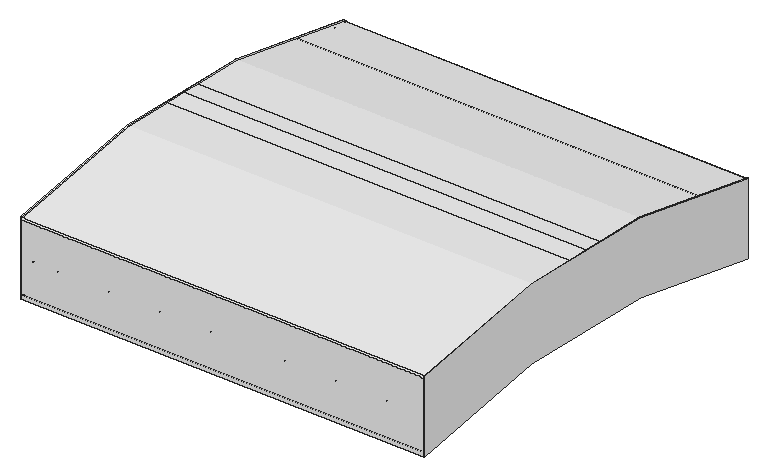
Revit family "SLSV2X2", category Lighting Fixtures, host Ceiling, Revit 2019
Family settings
  Host = Ceiling
  Round Connector Dimension = Use Diameter
  Part Type = Normal
  OmniClass Number = 23.80.70.11.14.17
  OmniClass Title = Direct/Indirect
  Always vertical = Yes
  Cut with Voids When Loaded = No
  Light Source = Yes
  Shared = No
  Room Calculation Point = No
Parameters (values of type "SLSV2X2-LED840K024LUNV")
  Width = 1' - 10 1/2"
  Wattage = 22.009 W
  built-in parameter 1150110 = 1 (stored number, unit not read)
  Voltage = 120 V
  URL = "https://viscor.com/products/slsv"
  built-in parameter 1114217 = 0.9 (stored number, unit not read)
  Tilt Angle = 90.00°
  built-in parameter 1150109 = 1 (stored number, unit not read)
  built-in parameter 1150134 = 12
  built-in parameter 1150113 = 1 (stored number, unit not read)
  Photometric Web File = "SLSV2X2-LED840K024LUNV.ies"
  Model = "SLSV"  # constant formula
  Manufacturer = "VISIONEERING by VISCOR"  # constant formula
  Lumens = 2443 lm
  built-in parameter 1150115 = 1 (stored number, unit not read)
  built-in parameter 1150105 = 194.41 (stored number, unit not read)
  built-in parameter 1150137 = (empty or 0)
  built-in parameter 1150139 = (empty or 0)
  Lens Finish = Acrylic - Viscor - Opal White Square
  Lens Depth = 0' - 4 7/32"
  Length = 1' - 10 1/2"
  Lamp Wattage = 22 VA
  built-in parameter 1150112 = 1 (stored number, unit not read)
  built-in parameter 1150114 = 1 (stored number, unit not read)
  Lamp = "LED"  # constant formula
  built-in parameter 1150132 = (empty or 0)
  built-in parameter 1150102 = (empty or 0)
  built-in parameter 1150138 = (empty or 0)
  built-in parameter 1150107 = 4000 (stored number, unit not read)
  built-in parameter 1150106 = 1.9441 (stored number, unit not read)
  Housing Finish = Metal - Viscor - White
  Emit from Rectangle Width = Width  # 1' - 10 1/2"
  Emit from Rectangle Length = Length  # 1' - 10 1/2"
  Emit from Rectangle Height = Lens Depth  # 0' - 4 7/32"
  Emit Shape Visible in Rendering = no
  built-in parameter 1150104 = 10.312 (stored number, unit not read)
  Dimming Lamp Color Temperature Shift = <None>
  Description = "Architectural Pendant with Concave lens"  # constant formula
  Color Filter = 16777215
  built-in parameter 1114218 = 1 (stored number, unit not read)
  built-in parameter 1150133 = 10 (stored number, unit not read)
  Assembly Code = "D5020200"
  Apparent Load = Lamp Wattage  # 22 VA
Types (5): name | Wattage | Photometric Web File | Lumens | built-in parameter 1150105 | Lens Depth | Lamp Wattage | built-in parameter 1150106 | Emit from Rectangle Height | built-in parameter 1150104 | Apparent Load
  (no name) | 22.009 W | "SLSV2X2-LED840K024LUNV.ies" | 2443 lm | 194.41 (stored number, unit not read) | 0' - 4 7/32" | 22 VA | 1.9441 (stored number, unit not read) | 0' - 4 7/32" | 10.312 (stored number, unit not read) | 22 VA
  SLSV2X2-LED840K024LUNV | 22.009 W | "SLSV2X2-LED840K024LUNV.ies" | 2443 lm | 194.41 (stored number, unit not read) | 0' - 4 7/32" | 22 VA | 1.9441 (stored number, unit not read) | 0' - 4 7/32" | 10.312 (stored number, unit not read) | 22 VA
  SLSV2X2-LED840K034LUNV | 31.8519 W | "SLSV2X2-LED840K034LUNV.ies" | 3440 lm | 273.75 (stored number, unit not read) | 0' - 0 7/32" | 32 VA | 2.7375 (stored number, unit not read) | 0' - 0 7/32" | 10.034 (stored number, unit not read) | 32 VA
  SLSV2X2-LED840K040LUNV | 37.1296 W | "SLSV2X2-LED840K040LUNV.ies" | 4010 lm | 319.11 (stored number, unit not read) | 0' - 0 7/32" | 37 VA | 3.1911 (stored number, unit not read) | 0' - 0 7/32" | 10.034 (stored number, unit not read) | 37 VA
  SLSV2X2-LED840K050LUNV | 47 W | "SLSV2X2-LED840K050LUNV.ies" | 5029 lm | 400.2 (stored number, unit not read) | 0' - 5 15/32" | 47 VA | 4.002 (stored number, unit not read) | 0' - 5 15/32" | 9.9406 (stored number, unit not read) | 47 VA
Reference planes (in)
  plane 1 "Light Source Axis (F/B)": y = 0
  plane 2 "Ceiling": z = 96
  plane 3 "Light Source Axis (L/R)": x = 0
  plane 4 "Light Source Elevation": z = 91.78125
  plane 5: y = 11.25
  plane 6: y = -11.25
  plane 7: x = -11.25
  plane 8: x = 11.25
  plane 9 "Lens Depth": z = 91.78125
  plane 10: x = -11.21875
  plane 11: x = 11.21875
Forms (in)
  Extrusion 1, solid, material "Metal - Viscor - White" <- "Housing Finish"
    sketch origin (0, 0, 0) x (0, 1, 0) y (0, 0, 1)
      loop
        arc (11.25, 94.22739) -> (11.23579, 94.26934) -> (11.19901, 94.294) r 0.069
        arc (11.19901, 94.294) -> (0, 95.78125) -> (-11.19901, 94.294) r 42.908
        arc (-11.19901, 94.294) -> (-11.23579, 94.26934) -> (-11.25, 94.22739) r 0.069
        line (-11.25, 94.22739) -> (-11.25, 90.31218) -> (-11.21875, 90.31218) -> (-11.21875, 94.22739)
        arc (-11.21875, 94.22739) -> (-11.21098, 94.25034) -> (-11.19085, 94.26383) r 0.03775
        arc (-11.19085, 94.26383) -> (0, 95.75) -> (11.19085, 94.26383) r 42.87675
        arc (11.19085, 94.26383) -> (11.21098, 94.25034) -> (11.21875, 94.22739) r 0.03775
        line (11.21875, 94.22739) -> (11.21875, 90.31218) -> (11.25, 90.31218) -> (11.25, 94.22739)
    from -11.21875 to 11.21875
  Extrusion 2, solid, material "Metal - Viscor - White" <- "Housing Finish"
    sketch origin (0, 0, 0) x (0, 1, 0) y (0, 0, 1)
      loop
        arc (-11.25, 90.31218) -> (0, 91.81218) -> (11.25, 90.31218) r 42.9375
        line (11.25, 90.31218) -> (11.25, 94.25862)
        arc (11.25, 94.25862) -> (11.23558, 94.30117) -> (11.19826, 94.32619) r 0.07
        arc (11.19826, 94.32619) -> (0, 95.81218) -> (-11.19826, 94.32619) r 42.9375
        arc (-11.19826, 94.32619) -> (-11.23558, 94.30117) -> (-11.25, 94.25862) r 0.07
        line (-11.25, 94.25862) -> (-11.25, 90.31218)
    from 11.21875 to 11.25
  Extrusion 3, solid, material "Metal - Viscor - White" <- "Housing Finish"
    sketch origin (0, 0, 0) x (0, 1, 0) y (0, 0, -1)
      loop
        line (-11.25, -90.31218) -> (-11.25, -94.25862)
        arc (-11.25, -94.25862) -> (-11.23558, -94.30117) -> (-11.19826, -94.32619) r 0.07
        arc (-11.19826, -94.32619) -> (0, -95.81218) -> (11.19826, -94.32619) r 42.9375
        arc (11.19826, -94.32619) -> (11.23558, -94.30117) -> (11.25, -94.25862) r 0.07
        line (11.25, -94.25862) -> (11.25, -90.31218)
        arc (11.25, -90.31218) -> (0, -91.81218) -> (-11.25, -90.31218) r 42.9375
    from 11.21875 to 11.25
  Extrusion 4, solid, material "Acrylic - Viscor - Opal White Square" <- "Lens Finish"
    sketch origin (0, 0, 0) x (0, 1, 0) y (0, 0, 1)
      loop
        line (11.1875, 91.37527) -> (11.1475, 91.37527) -> (11.1475, 90.50531)
        arc (11.1475, 90.50531) -> (11.13266, 90.47469) -> (11.09943, 90.46738) r 0.039
        line (11.09943, 90.46738) -> (10.71053, 90.56041) -> (9.98111, 90.7349)
        arc (9.98111, 90.7349) -> (7.79298, 91.19839) -> (5.58368, 91.54721) r 42.901
        line (5.58368, 91.54721) -> (4.83889, 91.63836)
        arc (4.83889, 91.63836) -> (2.61058, 91.83263) -> (0.37517, 91.91049) r 42.901
        line (0.37517, 91.91049) -> (-0.37517, 91.91049)
        arc (-0.37517, 91.91049) -> (-2.61058, 91.83263) -> (-4.83889, 91.63836) r 42.901
        line (-4.83889, 91.63836) -> (-5.58368, 91.54721)
        arc (-5.58368, 91.54721) -> (-7.79298, 91.19839) -> (-9.98111, 90.7349) r 42.901
        line (-9.98111, 90.7349) -> (-10.71053, 90.56041) -> (-11.09943, 90.46738)
        arc (-11.09943, 90.46738) -> (-11.13266, 90.47469) -> (-11.1475, 90.50531) r 0.039
        line (-11.1475, 90.50531) -> (-11.1475, 91.37527) -> (-11.1875, 91.37527) -> (-11.1875, 90.50531)
        arc (-11.1875, 90.50531) -> (-11.15743, 90.44329) -> (-11.09012, 90.42848) r 0.079
        line (-11.09012, 90.42848) -> (-10.70122, 90.52151) -> (-9.9718, 90.696)
        arc (-9.9718, 90.696) -> (-7.7858, 91.15904) -> (-5.57865, 91.50753) r 42.861
        line (-5.57865, 91.50753) -> (-4.8342, 91.59864)
        arc (-4.8342, 91.59864) -> (-2.60814, 91.7927) -> (-0.375, 91.87049) r 42.861
        line (-0.375, 91.87049) -> (0.375, 91.87049)
        arc (0.375, 91.87049) -> (2.60814, 91.7927) -> (4.8342, 91.59864) r 42.861
        line (4.8342, 91.59864) -> (5.57865, 91.50753)
        arc (5.57865, 91.50753) -> (7.7858, 91.15904) -> (9.9718, 90.696) r 42.861
        line (9.9718, 90.696) -> (10.70122, 90.52151) -> (11.09012, 90.42848)
        arc (11.09012, 90.42848) -> (11.15743, 90.44329) -> (11.1875, 90.50531) r 0.079
        line (11.1875, 90.50531) -> (11.1875, 91.37527)
    from -11.21875 to 11.21875
  Extrusion 5, solid, material "Metal - Viscor - White" <- "Housing Finish"
    sketch origin (0, 0, 0) x (0, 1, 0) y (0, 0, 1)
      loop
        line (7.51666, 94.9143) -> (7.51115, 94.88354) -> (7.99188, 94.79744) -> (8.33401, 94.37574) -> (10.40745, 91.82003)
        arc (10.40745, 91.82003) -> (10.48548, 91.79808) -> (10.53225, 91.86429) r 0.07025
        line (10.53225, 91.86429) -> (10.53225, 92.62932) -> (10.501, 92.62932) -> (10.501, 91.86429)
        arc (10.501, 91.86429) -> (10.47504, 91.82753) -> (10.43171, 91.83972) r 0.039
        line (10.43171, 91.83972) -> (8.35828, 94.39542) -> (8.02499, 94.80623)
        arc (8.02499, 94.80623) -> (8.00648, 94.82218) -> (7.98357, 94.83068) r 0.069
        line (7.98357, 94.83068) -> (7.51666, 94.9143)
    from -11.21875 to 11.21875
  Extrusion 6, solid, material "Metal - Viscor - White" <- "Housing Finish"
    sketch origin (0, 0, 0) x (0, -1, 0) y (0, 0, -1)
      loop
        line (7.51666, -94.9143) -> (7.98357, -94.83068)
        arc (7.98357, -94.83068) -> (8.00648, -94.82218) -> (8.02499, -94.80623) r 0.069
        line (8.02499, -94.80623) -> (8.35828, -94.39542) -> (10.43171, -91.83972)
        arc (10.43171, -91.83972) -> (10.47504, -91.82753) -> (10.501, -91.86429) r 0.039
        line (10.501, -91.86429) -> (10.501, -92.62932) -> (10.53225, -92.62932) -> (10.53225, -91.86429)
        arc (10.53225, -91.86429) -> (10.48548, -91.79808) -> (10.40745, -91.82003) r 0.07025
        line (10.40745, -91.82003) -> (8.33401, -94.37574) -> (7.99188, -94.79744) -> (7.51115, -94.88354) -> (7.51666, -94.9143)
    from -11.21875 to 11.21875
  Extrusion 7, solid, material "Metal - Viscor - White" <- "Housing Finish"
    sketch origin (0, 0, 0) x (0, 1, 0) y (0, 0, 1)
      loop
        arc (10.5, 94.26329) -> (10.48668, 94.30168) -> (10.45245, 94.32358) r 0.062
        line (10.45245, 94.32358) -> (8.99524, 94.67285) -> (5.73866, 95.25611) -> (2.87712, 95.55266) -> (0.00213, 95.65175) -> (-2.87287, 95.55295) -> (-5.73411, 95.25675) -> (-8.99524, 94.67285) -> (-10.45245, 94.32358)
        arc (-10.45245, 94.32358) -> (-10.48668, 94.30168) -> (-10.5, 94.26329) r 0.062
        line (-10.5, 94.26329) -> (-10.5, 92.31218) -> (-10.46875, 92.31218) -> (-10.46875, 94.26329)
        arc (-10.46875, 94.26329) -> (-10.46214, 94.28233) -> (-10.44517, 94.29319) r 0.03075
        line (-10.44517, 94.29319) -> (-8.98884, 94.64225) -> (-5.72974, 95.22579) -> (-2.87072, 95.52175) -> (0.00213, 95.62048) -> (2.87497, 95.52146) -> (5.73428, 95.22515) -> (8.98884, 94.64225) -> (10.44517, 94.29319)
        arc (10.44517, 94.29319) -> (10.46214, 94.28233) -> (10.46875, 94.26329) r 0.03075
        line (10.46875, 94.26329) -> (10.46875, 92.31218) -> (10.5, 92.31218) -> (10.5, 94.26329)
    from -11.21875 to 11.21875
Dimensions and locks (in)
  equal spacing: host sketch curve, plane 3 "Light Source Axis (L/R)", host sketch curve
  equal spacing: host sketch curve, plane 1 "Light Source Axis (F/B)", host sketch curve
  host sketch curve to host sketch curve = 10' - 0"  (x2)
  equal spacing: plane 7, plane 3 "Light Source Axis (L/R)", plane 8
  "Length": plane 7 to plane 8
  equal spacing: plane 5, plane 1 "Light Source Axis (F/B)", plane 6
  "Width": plane 5 to plane 6
  "Emit from Rectangle Height": plane 4 "Light Source Elevation" to plane 2 "Ceiling"
  "Lens Depth": plane 2 "Ceiling" to plane 9 "Lens Depth"
  locked: plane 11 to plane 8 at 0.03125
  locked: plane 10 to plane 7 at 0.03125
  plane 6 to Extrusion 7 = 1' - 9 3/4"
  aligned and locked: plane 3 "Light Source Axis (L/R)" to imposter light
  aligned and locked: plane 1 "Light Source Axis (F/B)" to imposter light
  aligned and locked: plane 4 "Light Source Elevation" to imposter light
  aligned and locked: Extrusion 1 to plane 10
  aligned and locked: plane 11 to Extrusion 1
  aligned and locked: plane 8 to Extrusion 2
  aligned and locked: Extrusion 2 to plane 11
  aligned and locked: Extrusion 3 to plane 7
  aligned and locked: plane 10 to Extrusion 3
  aligned and locked: plane 11 to Extrusion 4
  aligned and locked: Extrusion 4 to plane 10
  aligned and locked: Extrusion 5 to plane 10
  aligned and locked: plane 11 to Extrusion 5
  aligned and locked: Extrusion 6 to plane 10
  aligned and locked: plane 11 to Extrusion 6
  aligned and locked: plane 11 to Extrusion 7
  aligned and locked: Extrusion 7 to plane 10
Automatic sketch dimensions
  Extrusion 1 sketch curve to Extrusion 1 sketch curve = 0' - 0"  (x8)
  Extrusion 1 sketch curve to plane 6 = 0' - 0"
  Extrusion 1 sketch curve to plane 1 "Light Source Axis (F/B)" = 0' - 0"
  Extrusion 1 sketch curve to plane 5 = 0' - 0"
  plane 6 to Extrusion 1 sketch curve = 0' - 0 1/32"
  Extrusion 1 sketch curve to Extrusion 1 sketch curve = 0' - 0.03775"
  Extrusion 1 sketch curve to Extrusion 1 sketch curve = 0' - 0.069"
  Extrusion 1 sketch curve to Extrusion 1 sketch curve = 0' - 0 1/32"
  plane 4 "Light Source Elevation" to Extrusion 1 sketch curve = 3' - 2.908"
  plane 4 "Light Source Elevation" to Extrusion 1 sketch curve = 0' - 1.46907"  (x2)
  Extrusion 1 sketch curve to plane 2 "Ceiling" = 0' - 1.77261"  (x2)
  Extrusion 2 sketch curve to plane 6 = 0' - 0"
  Extrusion 2 sketch curve to plane 1 "Light Source Axis (F/B)" = 0' - 0"  (x2)
  Extrusion 2 sketch curve to plane 5 = 0' - 0"
  plane 6 to Extrusion 2 sketch curve = 0' - 0.07"
  Extrusion 2 sketch curve to Extrusion 2 sketch curve = 0' - 0.07"
  plane 4 "Light Source Elevation" to Extrusion 2 sketch curve = 3' - 6.90657"
  Extrusion 2 sketch curve to Extrusion 2 sketch curve = 0' - 4"
  plane 4 "Light Source Elevation" to Extrusion 2 sketch curve = 0' - 1.46907"
  Extrusion 2 sketch curve to plane 2 "Ceiling" = 0' - 1.74138"  (x2)
  Extrusion 2 sketch curve to Extrusion 2 sketch curve = 0' - 0"
  Extrusion 3 sketch curve to plane 6 = 0' - 0"
  Extrusion 3 sketch curve to plane 1 "Light Source Axis (F/B)" = 0' - 0"  (x2)
  Extrusion 3 sketch curve to plane 5 = 0' - 0"
  plane 6 to Extrusion 3 sketch curve = 0' - 0.07"
  Extrusion 3 sketch curve to plane 5 = 0' - 0.07"
  Extrusion 3 sketch curve to plane 2 "Ceiling" = 0' - 1.74138"  (x2)
  plane 4 "Light Source Elevation" to Extrusion 3 sketch curve = 0' - 1.46907"
  plane 4 "Light Source Elevation" to Extrusion 3 sketch curve = 3' - 2.90657"
  Extrusion 3 sketch curve to Extrusion 3 sketch curve = 0' - 4"
  Extrusion 3 sketch curve to Extrusion 3 sketch curve = 0' - 0"
  Extrusion 4 sketch curve to Extrusion 4 sketch curve = 0' - 0"  (x60)
  Extrusion 4 sketch curve to plane 1 "Light Source Axis (F/B)" = 0' - 0"
  Extrusion 4 sketch curve to plane 4 "Light Source Elevation" = 0' - 0.08924"
  plane 1 "Light Source Axis (F/B)" to Extrusion 4 sketch curve = 0' - 0 3/8"
  Extrusion 4 sketch curve to Extrusion 4 sketch curve = 0' - 0.00017"  (x2)
  plane 4 "Light Source Elevation" to Extrusion 4 sketch curve = 0' - 0.18261"  (x2)
  Extrusion 4 sketch curve to Extrusion 4 sketch curve = 0' - 4.4592"
  plane 4 "Light Source Elevation" to Extrusion 4 sketch curve = 0' - 0.14289"  (x2)
  Extrusion 4 sketch curve to Extrusion 4 sketch curve = 0' - 0.00469"
  plane 4 "Light Source Elevation" to Extrusion 4 sketch curve = 0' - 0.27372"  (x2)
  Extrusion 4 sketch curve to Extrusion 4 sketch curve = 0' - 0.74445"  (x2)
  plane 4 "Light Source Elevation" to Extrusion 4 sketch curve = 0' - 0.23404"  (x2)
  Extrusion 4 sketch curve to Extrusion 4 sketch curve = 0' - 0.00503"  (x2)
  plane 4 "Light Source Elevation" to Extrusion 4 sketch curve = 0' - 1.08525"  (x2)
  plane 4 "Light Source Elevation" to Extrusion 4 sketch curve = 0' - 1.04635"  (x2)
  plane 6 to Extrusion 4 sketch curve = 0' - 0.54878"
  Extrusion 4 sketch curve to Extrusion 4 sketch curve = 0' - 0.00931"  (x4)
  plane 6 to Extrusion 4 sketch curve = 0' - 0.15988"
  Extrusion 4 sketch curve to Extrusion 4 sketch curve = 0' - 0.00907"  (x2)
  plane 6 to Extrusion 4 sketch curve = 0' - 0.1025"
  Extrusion 4 sketch curve to Extrusion 4 sketch curve = 0' - 0.04"  (x2)
  Extrusion 4 sketch curve to plane 1 "Light Source Axis (F/B)" = 0' - 0 3/8"
  Extrusion 4 sketch curve to plane 5 = 0' - 0.54878"
  Extrusion 4 sketch curve to plane 5 = 0' - 0.15988"
  Extrusion 4 sketch curve to plane 5 = 0' - 0.1025"
  Extrusion 4 sketch curve to Extrusion 4 sketch curve = 0' - 0.26752"  (x2)
  Extrusion 4 sketch curve to Extrusion 4 sketch curve = 0' - 0.09303"  (x2)
  Extrusion 4 sketch curve to Extrusion 4 sketch curve = 0' - 0.0389"  (x2)
  plane 4 "Light Source Elevation" to Extrusion 4 sketch curve = 0' - 0.40598"  (x2)
  Extrusion 5 sketch curve to Extrusion 5 sketch curve = 0' - 0"  (x2)
  Extrusion 5 sketch curve to plane 2 "Ceiling" = 0' - 1.11646"
  Extrusion 5 sketch curve to plane 5 = 0' - 3.73885"
  Extrusion 5 sketch curve to plane 2 "Ceiling" = 0' - 1.0857"
  Extrusion 5 sketch curve to Extrusion 5 sketch curve = 0' - 0.00551"
  Extrusion 5 sketch curve to Extrusion 5 sketch curve = 0' - 0.46026"
  Extrusion 5 sketch curve to plane 2 "Ceiling" = 0' - 1.16932"
  Extrusion 5 sketch curve to plane 2 "Ceiling" = 0' - 1.20256"
  Extrusion 5 sketch curve to plane 2 "Ceiling" = 0' - 1.19377"
  Extrusion 5 sketch curve to Extrusion 5 sketch curve = 0' - 0.03311"
  Extrusion 5 sketch curve to Extrusion 5 sketch curve = 0' - 0.30902"
  Extrusion 5 sketch curve to Extrusion 5 sketch curve = 0' - 0.02427"  (x2)
  Extrusion 5 sketch curve to plane 4 "Light Source Elevation" = 0' - 0.03878"
  Extrusion 5 sketch curve to plane 5 = 0' - 0.84255"
  Extrusion 5 sketch curve to plane 4 "Light Source Elevation" = 0' - 0.05847"
  Extrusion 5 sketch curve to Extrusion 5 sketch curve = 0' - 0.03029"
  Extrusion 5 sketch curve to Extrusion 5 sketch curve = 0' - 0.039"
  Extrusion 5 sketch curve to Extrusion 5 sketch curve = 0' - 0.76503"
  Extrusion 5 sketch curve to Extrusion 5 sketch curve = 0' - 0.43049"
  Extrusion 5 sketch curve to Extrusion 5 sketch curve = 0' - 0.01969"
  Extrusion 6 sketch curve to Extrusion 6 sketch curve = 0' - 0"  (x2)
  plane 2 "Ceiling" to Extrusion 6 sketch curve = 0' - 1.11646"
  Extrusion 6 sketch curve to plane 6 = 0' - 3.73885"
  plane 2 "Ceiling" to Extrusion 6 sketch curve = 0' - 1.0857"
  Extrusion 6 sketch curve to Extrusion 6 sketch curve = 0' - 0.00551"
  Extrusion 6 sketch curve to Extrusion 6 sketch curve = 0' - 0.46026"
  plane 2 "Ceiling" to Extrusion 6 sketch curve = 0' - 1.16932"
  plane 2 "Ceiling" to Extrusion 6 sketch curve = 0' - 1.20256"
  plane 2 "Ceiling" to Extrusion 6 sketch curve = 0' - 1.19377"
  Extrusion 6 sketch curve to Extrusion 6 sketch curve = 0' - 0.03311"
  Extrusion 6 sketch curve to Extrusion 6 sketch curve = 0' - 0.30902"
  Extrusion 6 sketch curve to Extrusion 6 sketch curve = 0' - 0.02427"  (x2)
  plane 4 "Light Source Elevation" to Extrusion 6 sketch curve = 0' - 0.03878"
  Extrusion 6 sketch curve to plane 6 = 0' - 0.84255"
  plane 4 "Light Source Elevation" to Extrusion 6 sketch curve = 0' - 0.05847"
  Extrusion 6 sketch curve to Extrusion 6 sketch curve = 0' - 0.03029"
  Extrusion 6 sketch curve to Extrusion 6 sketch curve = 0' - 0.039"
  Extrusion 6 sketch curve to Extrusion 6 sketch curve = 0' - 0.76503"
  Extrusion 6 sketch curve to Extrusion 6 sketch curve = 0' - 0.43049"
  Extrusion 6 sketch curve to Extrusion 6 sketch curve = 0' - 0.01969"
  Extrusion 7 sketch curve to Extrusion 7 sketch curve = 0' - 0"  (x4)
  plane 6 to Extrusion 7 sketch curve = 0' - 0 3/4"
  Extrusion 7 sketch curve to Extrusion 7 sketch curve = 0' - 0 1/32"  (x3)
  Extrusion 7 sketch curve to Extrusion 7 sketch curve = 0' - 0.0163"
  Extrusion 7 sketch curve to Extrusion 7 sketch curve = 0' - 0.00728"  (x2)
  Extrusion 7 sketch curve to Extrusion 7 sketch curve = 0' - 0.00717"  (x2)
  Extrusion 7 sketch curve to Extrusion 7 sketch curve = 0' - 1.45721"
  Extrusion 7 sketch curve to Extrusion 7 sketch curve = 0' - 0.0064"  (x2)
  Extrusion 7 sketch curve to plane 2 "Ceiling" = 0' - 0.74325"
  Extrusion 7 sketch curve to Extrusion 7 sketch curve = 0' - 3.25473"
  Extrusion 7 sketch curve to plane 2 "Ceiling" = 0' - 0.77421"
  Extrusion 7 sketch curve to Extrusion 7 sketch curve = 0' - 0.00437"  (x2)
  Extrusion 7 sketch curve to plane 2 "Ceiling" = 0' - 0.44705"
  plane 1 "Light Source Axis (F/B)" to Extrusion 7 sketch curve = 0' - 2.87287"
  Extrusion 7 sketch curve to plane 2 "Ceiling" = 0' - 0.47825"
  Extrusion 7 sketch curve to Extrusion 7 sketch curve = 0' - 0.00215"  (x2)
  Extrusion 7 sketch curve to plane 1 "Light Source Axis (F/B)" = 0' - 0.00213"  (x2)
  Extrusion 7 sketch curve to plane 2 "Ceiling" = 0' - 0.47854"
  Extrusion 7 sketch curve to Extrusion 7 sketch curve = 0' - 2.87284"
  Extrusion 7 sketch curve to plane 2 "Ceiling" = 0' - 0.44734"
  Extrusion 7 sketch curve to plane 2 "Ceiling" = 0' - 0.77485"
  Extrusion 7 sketch curve to Extrusion 7 sketch curve = 0' - 2.85931"
  Extrusion 7 sketch curve to plane 2 "Ceiling" = 0' - 0.74389"
  Extrusion 7 sketch curve to plane 5 = 0' - 2.26116"
  Extrusion 7 sketch curve to plane 5 = 0' - 0.812"
  Extrusion 7 sketch curve to plane 5 = 0' - 0 25/32"
  Extrusion 7 sketch curve to plane 2 "Ceiling" = 0' - 1.32715"  (x2)
  Extrusion 7 sketch curve to Extrusion 7 sketch curve = 0' - 0.0306"  (x2)
  Extrusion 7 sketch curve to Extrusion 7 sketch curve = 0' - 0.31867"  (x2)
  Extrusion 7 sketch curve to plane 4 "Light Source Elevation" = 0' - 0.53093"  (x2)
  Extrusion 7 sketch curve to plane 2 "Ceiling" = 0' - 0.37952"
Connectors (in)
  electrical at (0, 0, 96), driven by "Voltage", driven by "Apparent Load"
    settings: index 1, voltage 120 V, apparent load 0 VA, apparent load phase1 22 VA, apparent load phase2 0 VA, apparent load phase3 0 VA, power factor 1, load classification "Other", number of poles 1, system type 31, power factor state 1, is connector primary yes, connector utility no, sub classification motor no, connector description ""
